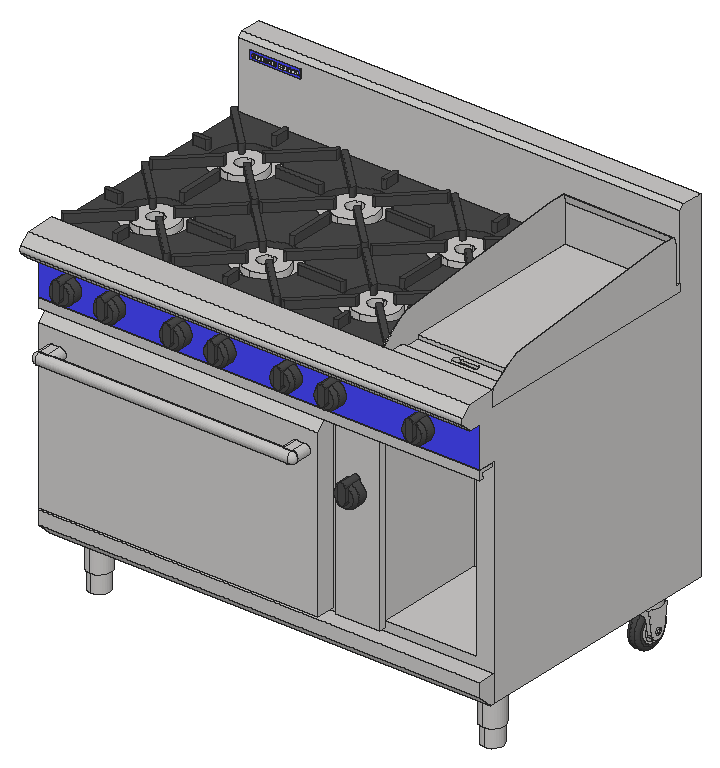
Revit family "QF_MOFFAT_BLUESEAL_CE_GE58C", category Specialty Equipment, Revit 2012
Parameters
  Width = 1200 mm
  Weight in Pounds = 485
  Watts = 6600 W
  Volts = 400 V
  URL Cutsheet = "www.moffat.com"
  URL = "www.moffat.com"
  Type Mark [instance] = ""
  Status [instance] = ""
  Specification by User [instance] = ""
  Specification by Manufacturer = ""
  Show Logo [instance] = yes
  Show Clearance [instance] = yes
  Show Casters [instance] = yes
  Serial Number = ""
  Seismic Rating = ""
  SMACNA No = ""
  Revision Code [instance] = ""
  Phase = 3
  Omniclass Number and Title = ""
  Number of Poles [instance] = 1
  NAFEM Spec ID Number = ""
  Model = "GE58C"
  Min Ckt Ampacity = 0 A
  Mechanical Remarks = ""
  Mechanical Connection Type [instance] = ""
  Max Overcurrent Protection = 0 A
  Masterspec = ""
  Manufacturer = "MOFFAT BLUESEAL"
  Legs [instance] = not(Show Casters)  # no
  Item Number [instance] = ""
  Installed By [instance] = ""
  Identify Quantity as Lot [instance] = yes
  Height = 970 mm
  HP = ""
  Gas Size = 3/4"
  Gas RI Height [instance] = 0 mm
  Gas KW [instance] = 52.2
  Gas Input [instance] = 178189.0 Btu/h
  Gas Connection Height = 0 mm
  Furnished By [instance] = ""
  Foodservice Equipment Identifier [instance] = yes
  FL Amps = 9.4 A
  Electrical Remarks = "9.4A PER PHASE"
  Electric Connection Type = ""
  Elec Conn RI Height = 0 mm
  Elec Conn Connection Height = 0 mm
  Description = "1200MM GAS RANGE WITH ELECTRIC CONVECTION OVEN"
  Depth = 812 mm
  Cycle = 50 Hz
  Conn Plug = ""
  Conn Conduit = yes
  CSI MasterFormat = ""
  CSI Master Format = ""
  Body Finish = QF_Finishes_Stainless Steel
  Apparent Power = 0 VA
Reference planes
  plane 1 "BACK": y = 0
  plane 2: z = 0
  plane 3 "LEFT": x = 0
  plane 4 "RIGHT": x = 1200
  plane 5 "FRONT": y = -812
  plane 6 "TOP": z = 970
  plane 7 "Center Y": x = 600
  plane 8 "Center X": y = -406
  plane 9: x = 280
  plane 10: y = -574.272
  plane 11: x = 60
  plane 12: y = -304.972
  plane 13: y = -364.972
  plane 14: x = 74
  plane 15: y = -812
  plane 16: x = 1134.5
  plane 17: y = -32
  plane 18: z = 655
  plane 19: x = 65.5
  plane 20: x = 65.8
  plane 21: z = 1085
  plane 22: y = -705
Forms (mm)
  Extrusion 1, solid, material "QF_Finishes_Stainless Steel" <- "Body Finish"
    sketch origin (0, 0, 0) x (0, 1, 0) y (0, 0, 1)
      loop
        line (0, 150) -> (0, 1085) -> (-57.5, 1085) -> (-70, 1072.5) -> (-70, 875) -> (-705, 875) -> (-705, 915) -> (-783.97, 915) -> (-808.49, 890.48)
        arc (-808.49, 890.48) -> (-812.002, 882) -> (-808.49, 873.52) r 11.993
        line (-808.49, 873.52) -> (-784.97, 850) -> (-749, 850) -> (-749, 740) -> (-699, 740) -> (-699, 150) -> (0, 150)
      loop
        line (-749, 222.5) -> (-749, 186) -> (-713, 150) -> (-703.2, 150) -> (-703.2, 222.5) -> (-749, 222.5)
      loop
        line (-749, 713.781) -> (-740.224, 713.781) -> (-742.613, 730.781) -> (-707.93, 730.781) -> (-707.93, 737.784) -> (-749, 737.784) -> (-749, 713.781)
    from 0 to 1200
  Extrusion 2, solid, material "QF_Finishes_Stainless Steel"
    sketch origin (0, 7, 0) x (0, 1, 0) y (0, 0, 1)
      loop
        line (-706, 700) -> (-732, 700) -> (-756, 676) -> (-756, 227.5) -> (-706, 227.5) -> (-706, 700)
    from 0 to 760
  Extrusion 3, solid, material "QF_Finishes_Stainless Steel"
    sketch origin (723.5, 7, 0) x (0, 1, 0) y (0, 0, 1)
      loop
        line (-706, 700) -> (-721, 700) -> (-721, 227.5) -> (-706, 227.5) -> (-706, 700)
    from 56.898 to 176.5
  Revolve 4, solid, material "QF_Finishes_Stainless Steel" <- "Body Finish"
    sketch origin (1134.5, -696.126, 0) x (0, 1, 0) y (0, 0, -1)
      loop
        line (39.376, -150) -> (71.126, -150) -> (71.126, 0) -> (43.626, 0) -> (43.626, -50) -> (39.376, -50) -> (39.376, -150)
      axis (71.126, -150) -> (71.126, 0)
    angle from 0 to 360
  Revolve 5, solid, material "QF_Finishes_Stainless Steel" <- "Body Finish"
    sketch origin (65.5, -696.126, 0) x (0, 1, 0) y (0, 0, 1)
      loop
        line (39.376, 150) -> (39.376, 50) -> (43.626, 50) -> (43.626, 0) -> (71.126, 0) -> (71.126, 150) -> (39.376, 150)
      axis (71.126, 150) -> (71.126, 0)
    angle from 0 to 360
  Extrusion 6, solid, material "QF_Finishes_Stainless Steel"
    sketch origin (-64.5, 0, 325) x (1, 0, 0) y (0, 1, 0)
      loop
        circle (1134.5, -32) r 10
    from 330 to 374.856
  Extrusion 7, void
    sketch origin (0, -699, 150) x (0, 0, -1) y (-1, 0, 0)
      loop
        line (-529.781, -900) -> (-529.781, -1150) -> (-96, -1150) -> (-96, -900) -> (-529.781, -900)
    from 0 to 304.8
  Extrusion 8, solid, material "QF_Finishes_Black"
    sketch origin (0, -70, 875) x (0, -1, 0) y (1, 0, 0)
      loop
        arc (1, 4) -> (1.879, 1.879) -> (4, 1) r 3
        line (4, 1) -> (632, 1)
        arc (632, 1) -> (634.121, 1.879) -> (635, 4) r 3
        line (635, 4) -> (635, 897)
        arc (635, 897) -> (634.121, 899.121) -> (632, 900) r 3
        line (632, 900) -> (4, 900)
        arc (4, 900) -> (1.879, 899.121) -> (1, 897) r 3
        line (1, 897) -> (1, 4)
      loop
        circle (167.5, 150) r 85
      loop
        circle (167.5, 450) r 85
      loop
        circle (467.768, 150) r 85
      loop
        circle (467.768, 450) r 85
      loop
        circle (167.5, 750) r 85
      loop
        circle (467.768, 750) r 85
    from 0 to 19.5
  Extrusion 9, solid, material "QF_Finishes_Black"
    sketch origin (0, -70, 894.5) x (0, -1, 0) y (1, 0, 0)
      loop
        spline (327.102, 15.153) -> (326.181, 13.924) -> (325.631, 12.47) -> (325.49, 10.89) -> (325.767, 9.292) -> (326.443, 7.786) -> (327.473, 6.473) -> (328.786, 5.443) -> (330.292, 4.767) -> (331.89, 4.49) -> (333.47, 4.631) -> (334.924, 5.181) -> (336.153, 6.102)
        line (336.153, 6.102) -> (444.076, 114.025)
        spline (444.076, 114.025) -> (444.837, 115.095) -> (445.238, 116.399) -> (445.251, 117.851) -> (444.875, 119.35) -> (444.137, 120.795) -> (443.086, 122.086) -> (441.795, 123.137) -> (440.35, 123.875) -> (438.851, 124.251) -> (437.399, 124.238) -> (436.095, 123.837) -> (435.025, 123.076)
        line (435.025, 123.076) -> (327.102, 15.153)
      loop
        line (611.398, 15.153) -> (503.475, 123.076)
        spline (503.475, 123.076) -> (502.405, 123.837) -> (501.101, 124.238) -> (499.649, 124.251) -> (498.15, 123.875) -> (496.705, 123.137) -> (495.414, 122.086) -> (494.363, 120.795) -> (493.625, 119.35) -> (493.249, 117.851) -> (493.262, 116.399) -> (493.663, 115.095) -> (494.424, 114.025)
        line (494.424, 114.025) -> (602.347, 6.102)
        spline (602.347, 6.102) -> (603.416, 5.341) -> (604.721, 4.941) -> (606.172, 4.928) -> (607.671, 5.303) -> (609.116, 6.041) -> (610.408, 7.092) -> (611.459, 8.384) -> (612.197, 9.829) -> (612.572, 11.328) -> (612.559, 12.779) -> (612.159, 14.084) -> (611.398, 15.153)
      loop
        spline (379.102, 143.6) -> (380.396, 143.818) -> (381.602, 144.457) -> (382.638, 145.475) -> (383.432, 146.8) -> (383.932, 148.344) -> (384.102, 150) -> (383.932, 151.656) -> (383.432, 153.2) -> (382.638, 154.525) -> (381.602, 155.543) -> (380.396, 156.182) -> (379.102, 156.4)
        line (379.102, 156.4) -> (259.398, 156.4)
        spline (259.398, 156.4) -> (258.104, 156.182) -> (256.898, 155.543) -> (255.862, 154.525) -> (255.068, 153.2) -> (254.568, 151.656) -> (254.398, 150) -> (254.568, 148.344) -> (255.068, 146.8) -> (255.862, 145.475) -> (256.898, 144.457) -> (258.104, 143.818) -> (259.398, 143.6)
        line (259.398, 143.6) -> (379.102, 143.6)
      loop
        spline (23.602, 15.153) -> (22.681, 13.924) -> (22.131, 12.47) -> (21.99, 10.89) -> (22.267, 9.292) -> (22.943, 7.786) -> (23.973, 6.473) -> (25.286, 5.443) -> (26.792, 4.767) -> (28.39, 4.49) -> (29.97, 4.631) -> (31.424, 5.181) -> (32.653, 6.102)
        line (32.653, 6.102) -> (140.576, 114.025)
        spline (140.576, 114.025) -> (141.337, 115.095) -> (141.738, 116.399) -> (141.751, 117.851) -> (141.375, 119.35) -> (140.637, 120.795) -> (139.586, 122.086) -> (138.295, 123.137) -> (136.85, 123.875) -> (135.351, 124.251) -> (133.899, 124.238) -> (132.595, 123.837) -> (131.525, 123.076)
        line (131.525, 123.076) -> (23.602, 15.153)
      loop
        line (311.398, 15.153) -> (203.475, 123.076)
        spline (203.475, 123.076) -> (202.405, 123.837) -> (201.101, 124.238) -> (199.649, 124.251) -> (198.15, 123.875) -> (196.705, 123.137) -> (195.414, 122.086) -> (194.363, 120.795) -> (193.625, 119.35) -> (193.249, 117.851) -> (193.262, 116.399) -> (193.663, 115.095) -> (194.424, 114.025)
        line (194.424, 114.025) -> (302.347, 6.102)
        spline (302.347, 6.102) -> (303.416, 5.341) -> (304.721, 4.941) -> (306.172, 4.928) -> (307.671, 5.303) -> (309.116, 6.041) -> (310.408, 7.092) -> (311.459, 8.384) -> (312.197, 9.829) -> (312.572, 11.328) -> (312.559, 12.779) -> (312.159, 14.084) -> (311.398, 15.153)
      loop
        line (327.102, 284.847) -> (435.025, 176.924)
        spline (435.025, 176.924) -> (436.095, 176.163) -> (437.399, 175.762) -> (438.851, 175.749) -> (440.35, 176.125) -> (441.795, 176.863) -> (443.086, 177.914) -> (444.137, 179.205) -> (444.875, 180.65) -> (445.251, 182.149) -> (445.238, 183.601) -> (444.837, 184.905) -> (444.076, 185.975)
        line (444.076, 185.975) -> (336.153, 293.898)
        spline (336.153, 293.898) -> (334.924, 294.819) -> (333.47, 295.369) -> (331.89, 295.51) -> (330.292, 295.233) -> (328.786, 294.557) -> (327.473, 293.527) -> (326.443, 292.214) -> (325.767, 290.708) -> (325.49, 289.11) -> (325.631, 287.53) -> (326.181, 286.076) -> (327.102, 284.847)
      loop
        spline (611.398, 284.847) -> (612.159, 285.916) -> (612.559, 287.221) -> (612.572, 288.672) -> (612.197, 290.171) -> (611.459, 291.616) -> (610.408, 292.908) -> (609.116, 293.959) -> (607.671, 294.697) -> (606.172, 295.072) -> (604.721, 295.059) -> (603.416, 294.659) -> (602.347, 293.898)
        line (602.347, 293.898) -> (494.424, 185.975)
        spline (494.424, 185.975) -> (493.663, 184.905) -> (493.262, 183.601) -> (493.249, 182.149) -> (493.625, 180.65) -> (494.363, 179.205) -> (495.414, 177.914) -> (496.705, 176.863) -> (498.15, 176.125) -> (499.649, 175.749) -> (501.101, 175.762) -> (502.405, 176.163) -> (503.475, 176.924)
        line (503.475, 176.924) -> (611.398, 284.847)
      loop
        spline (461.1, 241.898) -> (461.318, 240.604) -> (461.957, 239.398) -> (462.975, 238.362) -> (464.3, 237.568) -> (465.844, 237.068) -> (467.5, 236.898) -> (469.156, 237.068) -> (470.7, 237.568) -> (472.025, 238.362) -> (473.043, 239.398) -> (473.682, 240.604) -> (473.9, 241.898)
        line (473.9, 241.898) -> (473.9, 358.102)
        spline (473.9, 358.102) -> (473.682, 359.396) -> (473.043, 360.602) -> (472.025, 361.638) -> (470.7, 362.432) -> (469.156, 362.932) -> (467.5, 363.102) -> (465.844, 362.932) -> (464.3, 362.432) -> (462.975, 361.638) -> (461.957, 360.602) -> (461.318, 359.396) -> (461.1, 358.102)
        line (461.1, 358.102) -> (461.1, 241.898)
      loop
        line (23.602, 284.847) -> (131.525, 176.924)
        spline (131.525, 176.924) -> (132.595, 176.163) -> (133.899, 175.762) -> (135.351, 175.749) -> (136.85, 176.125) -> (138.295, 176.863) -> (139.586, 177.914) -> (140.637, 179.205) -> (141.375, 180.65) -> (141.751, 182.149) -> (141.738, 183.601) -> (141.337, 184.905) -> (140.576, 185.975)
        line (140.576, 185.975) -> (32.653, 293.898)
        spline (32.653, 293.898) -> (31.424, 294.819) -> (29.97, 295.369) -> (28.39, 295.51) -> (26.792, 295.233) -> (25.286, 294.557) -> (23.973, 293.527) -> (22.943, 292.214) -> (22.267, 290.708) -> (21.99, 289.11) -> (22.131, 287.53) -> (22.681, 286.076) -> (23.602, 284.847)
      loop
        spline (311.398, 284.847) -> (312.159, 285.916) -> (312.559, 287.221) -> (312.572, 288.672) -> (312.197, 290.171) -> (311.459, 291.616) -> (310.408, 292.908) -> (309.116, 293.959) -> (307.671, 294.697) -> (306.172, 295.072) -> (304.721, 295.059) -> (303.416, 294.659) -> (302.347, 293.898)
        line (302.347, 293.898) -> (194.424, 185.975)
        spline (194.424, 185.975) -> (193.663, 184.905) -> (193.262, 183.601) -> (193.249, 182.149) -> (193.625, 180.65) -> (194.363, 179.205) -> (195.414, 177.914) -> (196.705, 176.863) -> (198.15, 176.125) -> (199.649, 175.749) -> (201.101, 175.762) -> (202.405, 176.163) -> (203.475, 176.924)
        line (203.475, 176.924) -> (311.398, 284.847)
      loop
        spline (161.1, 241.898) -> (161.318, 240.604) -> (161.957, 239.398) -> (162.975, 238.362) -> (164.3, 237.568) -> (165.844, 237.068) -> (167.5, 236.898) -> (169.156, 237.068) -> (170.7, 237.568) -> (172.025, 238.362) -> (173.043, 239.398) -> (173.682, 240.604) -> (173.9, 241.898)
        line (173.9, 241.898) -> (173.9, 358.102)
        spline (173.9, 358.102) -> (173.682, 359.396) -> (173.043, 360.602) -> (172.025, 361.638) -> (170.7, 362.432) -> (169.156, 362.932) -> (167.5, 363.102) -> (165.844, 362.932) -> (164.3, 362.432) -> (162.975, 361.638) -> (161.957, 360.602) -> (161.318, 359.396) -> (161.1, 358.102)
        line (161.1, 358.102) -> (161.1, 241.898)
      loop
        line (379.102, 456.4) -> (259.398, 456.4)
        spline (259.398, 456.4) -> (258.104, 456.182) -> (256.898, 455.543) -> (255.862, 454.525) -> (255.068, 453.2) -> (254.568, 451.656) -> (254.398, 450) -> (254.568, 448.344) -> (255.068, 446.8) -> (255.862, 445.475) -> (256.898, 444.457) -> (258.104, 443.818) -> (259.398, 443.6)
        line (259.398, 443.6) -> (379.102, 443.6)
        spline (379.102, 443.6) -> (380.396, 443.818) -> (381.602, 444.457) -> (382.638, 445.475) -> (383.432, 446.8) -> (383.932, 448.344) -> (384.102, 450) -> (383.932, 451.656) -> (383.432, 453.2) -> (382.638, 454.525) -> (381.602, 455.543) -> (380.396, 456.182) -> (379.102, 456.4)
      loop
        spline (327.102, 315.153) -> (326.181, 313.924) -> (325.631, 312.47) -> (325.49, 310.89) -> (325.767, 309.292) -> (326.443, 307.786) -> (327.473, 306.473) -> (328.786, 305.443) -> (330.292, 304.767) -> (331.89, 304.49) -> (333.47, 304.631) -> (334.924, 305.181) -> (336.153, 306.102)
        line (336.153, 306.102) -> (444.076, 414.025)
        spline (444.076, 414.025) -> (444.837, 415.095) -> (445.238, 416.399) -> (445.251, 417.851) -> (444.875, 419.35) -> (444.137, 420.795) -> (443.086, 422.086) -> (441.795, 423.137) -> (440.35, 423.875) -> (438.851, 424.251) -> (437.399, 424.238) -> (436.095, 423.837) -> (435.025, 423.076)
        line (435.025, 423.076) -> (327.102, 315.153)
      loop
        line (611.398, 315.153) -> (503.475, 423.076)
        spline (503.475, 423.076) -> (502.405, 423.837) -> (501.101, 424.238) -> (499.649, 424.251) -> (498.15, 423.875) -> (496.705, 423.137) -> (495.414, 422.086) -> (494.363, 420.795) -> (493.625, 419.35) -> (493.249, 417.851) -> (493.262, 416.399) -> (493.663, 415.095) -> (494.424, 414.025)
        line (494.424, 414.025) -> (602.347, 306.102)
        spline (602.347, 306.102) -> (603.416, 305.341) -> (604.721, 304.941) -> (606.172, 304.928) -> (607.671, 305.303) -> (609.116, 306.041) -> (610.408, 307.092) -> (611.459, 308.384) -> (612.197, 309.829) -> (612.572, 311.328) -> (612.559, 312.779) -> (612.159, 314.084) -> (611.398, 315.153)
      loop
        spline (23.602, 315.153) -> (22.681, 313.924) -> (22.131, 312.47) -> (21.99, 310.89) -> (22.267, 309.292) -> (22.943, 307.786) -> (23.973, 306.473) -> (25.286, 305.443) -> (26.792, 304.767) -> (28.39, 304.49) -> (29.97, 304.631) -> (31.424, 305.181) -> (32.653, 306.102)
        line (32.653, 306.102) -> (140.576, 414.025)
        spline (140.576, 414.025) -> (141.337, 415.095) -> (141.738, 416.399) -> (141.751, 417.851) -> (141.375, 419.35) -> (140.637, 420.795) -> (139.586, 422.086) -> (138.295, 423.137) -> (136.85, 423.875) -> (135.351, 424.251) -> (133.899, 424.238) -> (132.595, 423.837) -> (131.525, 423.076)
        line (131.525, 423.076) -> (23.602, 315.153)
      loop
        line (311.398, 315.153) -> (203.475, 423.076)
        spline (203.475, 423.076) -> (202.405, 423.837) -> (201.101, 424.238) -> (199.649, 424.251) -> (198.15, 423.875) -> (196.705, 423.137) -> (195.414, 422.086) -> (194.363, 420.795) -> (193.625, 419.35) -> (193.249, 417.851) -> (193.262, 416.399) -> (193.663, 415.095) -> (194.424, 414.025)
        line (194.424, 414.025) -> (302.347, 306.102)
        spline (302.347, 306.102) -> (303.416, 305.341) -> (304.721, 304.941) -> (306.172, 304.928) -> (307.671, 305.303) -> (309.116, 306.041) -> (310.408, 307.092) -> (311.459, 308.384) -> (312.197, 309.829) -> (312.572, 311.328) -> (312.559, 312.779) -> (312.159, 314.084) -> (311.398, 315.153)
      loop
        line (327.102, 584.847) -> (435.025, 476.924)
        spline (435.025, 476.924) -> (436.095, 476.163) -> (437.399, 475.762) -> (438.851, 475.749) -> (440.35, 476.125) -> (441.795, 476.863) -> (443.086, 477.914) -> (444.137, 479.205) -> (444.875, 480.65) -> (445.251, 482.149) -> (445.238, 483.601) -> (444.837, 484.905) -> (444.076, 485.975)
        line (444.076, 485.975) -> (336.153, 593.898)
        spline (336.153, 593.898) -> (334.924, 594.819) -> (333.47, 595.369) -> (331.89, 595.51) -> (330.292, 595.233) -> (328.786, 594.557) -> (327.473, 593.527) -> (326.443, 592.214) -> (325.767, 590.708) -> (325.49, 589.11) -> (325.631, 587.53) -> (326.181, 586.076) -> (327.102, 584.847)
      loop
        spline (611.398, 584.847) -> (612.159, 585.916) -> (612.559, 587.221) -> (612.572, 588.672) -> (612.197, 590.171) -> (611.459, 591.616) -> (610.408, 592.908) -> (609.116, 593.959) -> (607.671, 594.697) -> (606.172, 595.072) -> (604.721, 595.059) -> (603.416, 594.659) -> (602.347, 593.898)
        line (602.347, 593.898) -> (494.424, 485.975)
        spline (494.424, 485.975) -> (493.663, 484.905) -> (493.262, 483.601) -> (493.249, 482.149) -> (493.625, 480.65) -> (494.363, 479.205) -> (495.414, 477.914) -> (496.705, 476.863) -> (498.15, 476.125) -> (499.649, 475.749) -> (501.101, 475.762) -> (502.405, 476.163) -> (503.475, 476.924)
        line (503.475, 476.924) -> (611.398, 584.847)
      loop
        line (23.602, 584.847) -> (131.525, 476.924)
        spline (131.525, 476.924) -> (132.595, 476.163) -> (133.899, 475.762) -> (135.351, 475.749) -> (136.85, 476.125) -> (138.295, 476.863) -> (139.586, 477.914) -> (140.637, 479.205) -> (141.375, 480.65) -> (141.751, 482.149) -> (141.738, 483.601) -> (141.337, 484.905) -> (140.576, 485.975)
        line (140.576, 485.975) -> (32.653, 593.898)
        spline (32.653, 593.898) -> (31.424, 594.819) -> (29.97, 595.369) -> (28.39, 595.51) -> (26.792, 595.233) -> (25.286, 594.557) -> (23.973, 593.527) -> (22.943, 592.214) -> (22.267, 590.708) -> (21.99, 589.11) -> (22.131, 587.53) -> (22.681, 586.076) -> (23.602, 584.847)
      loop
        spline (311.398, 584.847) -> (312.159, 585.916) -> (312.559, 587.221) -> (312.572, 588.672) -> (312.197, 590.171) -> (311.459, 591.616) -> (310.408, 592.908) -> (309.116, 593.959) -> (307.671, 594.697) -> (306.172, 595.072) -> (304.721, 595.059) -> (303.416, 594.659) -> (302.347, 593.898)
        line (302.347, 593.898) -> (194.424, 485.975)
        spline (194.424, 485.975) -> (193.663, 484.905) -> (193.262, 483.601) -> (193.249, 482.149) -> (193.625, 480.65) -> (194.363, 479.205) -> (195.414, 477.914) -> (196.705, 476.863) -> (198.15, 476.125) -> (199.649, 475.749) -> (201.101, 475.762) -> (202.405, 476.163) -> (203.475, 476.924)
        line (203.475, 476.924) -> (311.398, 584.847)
      loop
        spline (461.1, 541.898) -> (461.318, 540.604) -> (461.957, 539.398) -> (462.975, 538.362) -> (464.3, 537.568) -> (465.844, 537.068) -> (467.5, 536.898) -> (469.156, 537.068) -> (470.7, 537.568) -> (472.025, 538.362) -> (473.043, 539.398) -> (473.682, 540.604) -> (473.9, 541.898)
        line (473.9, 541.898) -> (473.9, 658.102)
        spline (473.9, 658.102) -> (473.682, 659.396) -> (473.043, 660.602) -> (472.025, 661.638) -> (470.7, 662.432) -> (469.156, 662.932) -> (467.5, 663.102) -> (465.844, 662.932) -> (464.3, 662.432) -> (462.975, 661.638) -> (461.957, 660.602) -> (461.318, 659.396) -> (461.1, 658.102)
        line (461.1, 658.102) -> (461.1, 541.898)
      loop
        spline (161.1, 541.898) -> (161.318, 540.604) -> (161.957, 539.398) -> (162.975, 538.362) -> (164.3, 537.568) -> (165.844, 537.068) -> (167.5, 536.898) -> (169.156, 537.068) -> (170.7, 537.568) -> (172.025, 538.362) -> (173.043, 539.398) -> (173.682, 540.604) -> (173.9, 541.898)
        line (173.9, 541.898) -> (173.9, 658.102)
        spline (173.9, 658.102) -> (173.682, 659.396) -> (173.043, 660.602) -> (172.025, 661.638) -> (170.7, 662.432) -> (169.156, 662.932) -> (167.5, 663.102) -> (165.844, 662.932) -> (164.3, 662.432) -> (162.975, 661.638) -> (161.957, 660.602) -> (161.318, 659.396) -> (161.1, 658.102)
        line (161.1, 658.102) -> (161.1, 541.898)
      loop
        line (379.102, 756.4) -> (259.398, 756.4)
        spline (259.398, 756.4) -> (258.104, 756.182) -> (256.898, 755.543) -> (255.862, 754.525) -> (255.068, 753.2) -> (254.568, 751.656) -> (254.398, 750) -> (254.568, 748.344) -> (255.068, 746.8) -> (255.862, 745.475) -> (256.898, 744.457) -> (258.104, 743.818) -> (259.398, 743.6)
        line (259.398, 743.6) -> (379.102, 743.6)
        spline (379.102, 743.6) -> (380.396, 743.818) -> (381.602, 744.457) -> (382.638, 745.475) -> (383.432, 746.8) -> (383.932, 748.344) -> (384.102, 750) -> (383.932, 751.656) -> (383.432, 753.2) -> (382.638, 754.525) -> (381.602, 755.543) -> (380.396, 756.182) -> (379.102, 756.4)
      loop
        spline (327.102, 615.153) -> (326.181, 613.924) -> (325.631, 612.47) -> (325.49, 610.89) -> (325.767, 609.292) -> (326.443, 607.786) -> (327.473, 606.473) -> (328.786, 605.443) -> (330.292, 604.767) -> (331.89, 604.49) -> (333.47, 604.631) -> (334.924, 605.181) -> (336.153, 606.102)
        line (336.153, 606.102) -> (444.076, 714.025)
        spline (444.076, 714.025) -> (444.837, 715.095) -> (445.238, 716.399) -> (445.251, 717.851) -> (444.875, 719.35) -> (444.137, 720.795) -> (443.086, 722.086) -> (441.795, 723.137) -> (440.35, 723.875) -> (438.851, 724.251) -> (437.399, 724.238) -> (436.095, 723.837) -> (435.025, 723.076)
        line (435.025, 723.076) -> (327.102, 615.153)
      loop
        line (611.398, 615.153) -> (503.475, 723.076)
        spline (503.475, 723.076) -> (502.405, 723.837) -> (501.101, 724.238) -> (499.649, 724.251) -> (498.15, 723.875) -> (496.705, 723.137) -> (495.414, 722.086) -> (494.363, 720.795) -> (493.625, 719.35) -> (493.249, 717.851) -> (493.262, 716.399) -> (493.663, 715.095) -> (494.424, 714.025)
        line (494.424, 714.025) -> (602.347, 606.102)
        spline (602.347, 606.102) -> (603.416, 605.341) -> (604.721, 604.941) -> (606.172, 604.928) -> (607.671, 605.303) -> (609.116, 606.041) -> (610.408, 607.092) -> (611.459, 608.384) -> (612.197, 609.829) -> (612.572, 611.328) -> (612.559, 612.779) -> (612.159, 614.084) -> (611.398, 615.153)
      loop
        spline (23.602, 615.153) -> (22.681, 613.924) -> (22.131, 612.47) -> (21.99, 610.89) -> (22.267, 609.292) -> (22.943, 607.786) -> (23.973, 606.473) -> (25.286, 605.443) -> (26.792, 604.767) -> (28.39, 604.49) -> (29.97, 604.631) -> (31.424, 605.181) -> (32.653, 606.102)
        line (32.653, 606.102) -> (140.576, 714.025)
        spline (140.576, 714.025) -> (141.337, 715.095) -> (141.738, 716.399) -> (141.751, 717.851) -> (141.375, 719.35) -> (140.637, 720.795) -> (139.586, 722.086) -> (138.295, 723.137) -> (136.85, 723.875) -> (135.351, 724.251) -> (133.899, 724.238) -> (132.595, 723.837) -> (131.525, 723.076)
        line (131.525, 723.076) -> (23.602, 615.153)
      loop
        line (311.398, 615.153) -> (203.475, 723.076)
        spline (203.475, 723.076) -> (202.405, 723.837) -> (201.101, 724.238) -> (199.649, 724.251) -> (198.15, 723.875) -> (196.705, 723.137) -> (195.414, 722.086) -> (194.363, 720.795) -> (193.625, 719.35) -> (193.249, 717.851) -> (193.262, 716.399) -> (193.663, 715.095) -> (194.424, 714.025)
        line (194.424, 714.025) -> (302.347, 606.102)
        spline (302.347, 606.102) -> (303.416, 605.341) -> (304.721, 604.941) -> (306.172, 604.928) -> (307.671, 605.303) -> (309.116, 606.041) -> (310.408, 607.092) -> (311.459, 608.384) -> (312.197, 609.829) -> (312.572, 611.328) -> (312.559, 612.779) -> (312.159, 614.084) -> (311.398, 615.153)
      loop
        line (327.102, 884.847) -> (435.025, 776.924)
        spline (435.025, 776.924) -> (436.095, 776.163) -> (437.399, 775.762) -> (438.851, 775.749) -> (440.35, 776.125) -> (441.795, 776.863) -> (443.086, 777.914) -> (444.137, 779.205) -> (444.875, 780.65) -> (445.251, 782.149) -> (445.238, 783.601) -> (444.837, 784.905) -> (444.076, 785.975)
        line (444.076, 785.975) -> (336.153, 893.898)
        spline (336.153, 893.898) -> (334.924, 894.819) -> (333.47, 895.369) -> (331.89, 895.51) -> (330.292, 895.233) -> (328.786, 894.557) -> (327.473, 893.527) -> (326.443, 892.214) -> (325.767, 890.708) -> (325.49, 889.11) -> (325.631, 887.53) -> (326.181, 886.076) -> (327.102, 884.847)
      loop
        spline (611.398, 884.847) -> (612.159, 885.916) -> (612.559, 887.221) -> (612.572, 888.672) -> (612.197, 890.171) -> (611.459, 891.616) -> (610.408, 892.908) -> (609.116, 893.959) -> (607.671, 894.697) -> (606.172, 895.072) -> (604.721, 895.059) -> (603.416, 894.659) -> (602.347, 893.898)
        line (602.347, 893.898) -> (494.424, 785.975)
        spline (494.424, 785.975) -> (493.663, 784.905) -> (493.262, 783.601) -> (493.249, 782.149) -> (493.625, 780.65) -> (494.363, 779.205) -> (495.414, 777.914) -> (496.705, 776.863) -> (498.15, 776.125) -> (499.649, 775.749) -> (501.101, 775.762) -> (502.405, 776.163) -> (503.475, 776.924)
        line (503.475, 776.924) -> (611.398, 884.847)
      loop
        line (23.602, 884.847) -> (131.525, 776.924)
        spline (131.525, 776.924) -> (132.595, 776.163) -> (133.899, 775.762) -> (135.351, 775.749) -> (136.85, 776.125) -> (138.295, 776.863) -> (139.586, 777.914) -> (140.637, 779.205) -> (141.375, 780.65) -> (141.751, 782.149) -> (141.738, 783.601) -> (141.337, 784.905) -> (140.576, 785.975)
        line (140.576, 785.975) -> (32.653, 893.898)
        spline (32.653, 893.898) -> (31.424, 894.819) -> (29.97, 895.369) -> (28.39, 895.51) -> (26.792, 895.233) -> (25.286, 894.557) -> (23.973, 893.527) -> (22.943, 892.214) -> (22.267, 890.708) -> (21.99, 889.11) -> (22.131, 887.53) -> (22.681, 886.076) -> (23.602, 884.847)
      loop
        spline (311.398, 884.847) -> (312.159, 885.916) -> (312.559, 887.221) -> (312.572, 888.672) -> (312.197, 890.171) -> (311.459, 891.616) -> (310.408, 892.908) -> (309.116, 893.959) -> (307.671, 894.697) -> (306.172, 895.072) -> (304.721, 895.059) -> (303.416, 894.659) -> (302.347, 893.898)
        line (302.347, 893.898) -> (194.424, 785.975)
        spline (194.424, 785.975) -> (193.663, 784.905) -> (193.262, 783.601) -> (193.249, 782.149) -> (193.625, 780.65) -> (194.363, 779.205) -> (195.414, 777.914) -> (196.705, 776.863) -> (198.15, 776.125) -> (199.649, 775.749) -> (201.101, 775.762) -> (202.405, 776.163) -> (203.475, 776.924)
        line (203.475, 776.924) -> (311.398, 884.847)
      loop
        spline (473.9, 891.872) -> (473.682, 893.166) -> (473.043, 894.372) -> (472.025, 895.407) -> (470.7, 896.202) -> (469.156, 896.701) -> (467.5, 896.872) -> (465.844, 896.701) -> (464.3, 896.202) -> (462.975, 895.407) -> (461.957, 894.372) -> (461.318, 893.166) -> (461.1, 891.872)
        line (461.1, 891.872) -> (461.1, 841.898)
        spline (461.1, 841.898) -> (461.318, 840.604) -> (461.957, 839.398) -> (462.975, 838.362) -> (464.3, 837.568) -> (465.844, 837.068) -> (467.5, 836.898) -> (469.156, 837.068) -> (470.7, 837.568) -> (472.025, 838.362) -> (473.043, 839.398) -> (473.682, 840.604) -> (473.9, 841.898)
        line (473.9, 841.898) -> (473.9, 891.872)
      loop
        spline (173.9, 891.872) -> (173.682, 893.166) -> (173.043, 894.372) -> (172.025, 895.407) -> (170.7, 896.202) -> (169.156, 896.701) -> (167.5, 896.872) -> (165.844, 896.701) -> (164.3, 896.202) -> (162.975, 895.407) -> (161.957, 894.372) -> (161.318, 893.166) -> (161.1, 891.872)
        line (161.1, 891.872) -> (161.1, 841.898)
        spline (161.1, 841.898) -> (161.318, 840.604) -> (161.957, 839.398) -> (162.975, 838.362) -> (164.3, 837.568) -> (165.844, 837.068) -> (167.5, 836.898) -> (169.156, 837.068) -> (170.7, 837.568) -> (172.025, 838.362) -> (173.043, 839.398) -> (173.682, 840.604) -> (173.9, 841.898)
        line (173.9, 841.898) -> (173.9, 891.872)
      loop
        spline (65.602, 143.6) -> (66.896, 143.818) -> (68.102, 144.457) -> (69.138, 145.475) -> (69.932, 146.8) -> (70.432, 148.344) -> (70.602, 150) -> (70.432, 151.656) -> (69.932, 153.2) -> (69.138, 154.525) -> (68.102, 155.543) -> (66.896, 156.182) -> (65.602, 156.4)
        line (65.602, 156.4) -> (29.398, 156.4)
        spline (29.398, 156.4) -> (28.104, 156.182) -> (26.898, 155.543) -> (25.862, 154.525) -> (25.068, 153.2) -> (24.568, 151.656) -> (24.398, 150) -> (24.568, 148.344) -> (25.068, 146.8) -> (25.862, 145.475) -> (26.898, 144.457) -> (28.104, 143.818) -> (29.398, 143.6)
        line (29.398, 143.6) -> (65.602, 143.6)
      loop
        spline (65.602, 443.6) -> (66.896, 443.818) -> (68.102, 444.457) -> (69.138, 445.475) -> (69.932, 446.8) -> (70.432, 448.344) -> (70.602, 450) -> (70.432, 451.656) -> (69.932, 453.2) -> (69.138, 454.525) -> (68.102, 455.543) -> (66.896, 456.182) -> (65.602, 456.4)
        line (65.602, 456.4) -> (29.398, 456.4)
        spline (29.398, 456.4) -> (28.104, 456.182) -> (26.898, 455.543) -> (25.862, 454.525) -> (25.068, 453.2) -> (24.568, 451.656) -> (24.398, 450) -> (24.568, 448.344) -> (25.068, 446.8) -> (25.862, 445.475) -> (26.898, 444.457) -> (28.104, 443.818) -> (29.398, 443.6)
        line (29.398, 443.6) -> (65.602, 443.6)
      loop
        spline (65.602, 743.6) -> (66.896, 743.818) -> (68.102, 744.457) -> (69.138, 745.475) -> (69.932, 746.8) -> (70.432, 748.344) -> (70.602, 750) -> (70.432, 751.656) -> (69.932, 753.2) -> (69.138, 754.525) -> (68.102, 755.543) -> (66.896, 756.182) -> (65.602, 756.4)
        line (65.602, 756.4) -> (29.398, 756.4)
        spline (29.398, 756.4) -> (28.104, 756.182) -> (26.898, 755.543) -> (25.862, 754.525) -> (25.068, 753.2) -> (24.568, 751.656) -> (24.398, 750) -> (24.568, 748.344) -> (25.068, 746.8) -> (25.862, 745.475) -> (26.898, 744.457) -> (28.104, 743.818) -> (29.398, 743.6)
        line (29.398, 743.6) -> (65.602, 743.6)
      loop
        spline (605.602, 143.6) -> (606.896, 143.818) -> (608.102, 144.457) -> (609.138, 145.475) -> (609.932, 146.8) -> (610.432, 148.344) -> (610.602, 150) -> (610.432, 151.656) -> (609.932, 153.2) -> (609.138, 154.525) -> (608.102, 155.543) -> (606.896, 156.182) -> (605.602, 156.4)
        line (605.602, 156.4) -> (569.398, 156.4)
        spline (569.398, 156.4) -> (568.104, 156.182) -> (566.898, 155.543) -> (565.862, 154.525) -> (565.068, 153.2) -> (564.568, 151.656) -> (564.398, 150) -> (564.568, 148.344) -> (565.068, 146.8) -> (565.862, 145.475) -> (566.898, 144.457) -> (568.104, 143.818) -> (569.398, 143.6)
        line (569.398, 143.6) -> (605.602, 143.6)
      loop
        spline (605.602, 443.6) -> (606.896, 443.818) -> (608.102, 444.457) -> (609.138, 445.475) -> (609.932, 446.8) -> (610.432, 448.344) -> (610.602, 450) -> (610.432, 451.656) -> (609.932, 453.2) -> (609.138, 454.525) -> (608.102, 455.543) -> (606.896, 456.182) -> (605.602, 456.4)
        line (605.602, 456.4) -> (569.398, 456.4)
        spline (569.398, 456.4) -> (568.104, 456.182) -> (566.898, 455.543) -> (565.862, 454.525) -> (565.068, 453.2) -> (564.568, 451.656) -> (564.398, 450) -> (564.568, 448.344) -> (565.068, 446.8) -> (565.862, 445.475) -> (566.898, 444.457) -> (568.104, 443.818) -> (569.398, 443.6)
        line (569.398, 443.6) -> (605.602, 443.6)
      loop
        spline (605.602, 743.6) -> (606.896, 743.818) -> (608.102, 744.457) -> (609.138, 745.475) -> (609.932, 746.8) -> (610.432, 748.344) -> (610.602, 750) -> (610.432, 751.656) -> (609.932, 753.2) -> (609.138, 754.525) -> (608.102, 755.543) -> (606.896, 756.182) -> (605.602, 756.4)
        line (605.602, 756.4) -> (569.398, 756.4)
        spline (569.398, 756.4) -> (568.104, 756.182) -> (566.898, 755.543) -> (565.862, 754.525) -> (565.068, 753.2) -> (564.568, 751.656) -> (564.398, 750) -> (564.568, 748.344) -> (565.068, 746.8) -> (565.862, 745.475) -> (566.898, 744.457) -> (568.104, 743.818) -> (569.398, 743.6)
        line (569.398, 743.6) -> (605.602, 743.6)
      loop
        line (460.626, 50.584) -> (460.626, 16.591)
        spline (460.626, 16.591) -> (460.844, 15.297) -> (461.483, 14.091) -> (462.501, 13.055) -> (463.826, 12.261) -> (465.37, 11.761) -> (467.026, 11.591) -> (468.682, 11.761) -> (470.226, 12.261) -> (471.551, 13.055) -> (472.569, 14.091) -> (473.208, 15.297) -> (473.426, 16.591)
        line (473.426, 16.591) -> (473.426, 50.584)
        spline (473.426, 50.584) -> (473.208, 51.878) -> (472.569, 53.084) -> (471.551, 54.119) -> (470.226, 54.914) -> (468.682, 55.413) -> (467.026, 55.584) -> (465.37, 55.413) -> (463.826, 54.914) -> (462.501, 54.119) -> (461.483, 53.084) -> (460.844, 51.878) -> (460.626, 50.584)
      loop
        line (160.11, 50.584) -> (160.11, 16.591)
        spline (160.11, 16.591) -> (160.328, 15.297) -> (160.967, 14.091) -> (161.984, 13.055) -> (163.31, 12.261) -> (164.853, 11.761) -> (166.51, 11.591) -> (168.166, 11.761) -> (169.71, 12.261) -> (171.035, 13.055) -> (172.052, 14.091) -> (172.692, 15.297) -> (172.91, 16.591)
        line (172.91, 16.591) -> (172.91, 50.584)
        spline (172.91, 50.584) -> (172.692, 51.878) -> (172.052, 53.084) -> (171.035, 54.119) -> (169.71, 54.914) -> (168.166, 55.413) -> (166.51, 55.584) -> (164.853, 55.413) -> (163.31, 54.914) -> (161.984, 54.119) -> (160.967, 53.084) -> (160.328, 51.878) -> (160.11, 50.584)
    from 0 to 23.5
  Revolve 10, solid, material "QF_Finishes_Black"
    sketch origin (810.601, 45.874, -0.118) x (0, 1, 0) y (0, 0, 1)
      loop
        line (-827.874, 829.5) -> (-838.874, 823.651) -> (-838.874, 797) -> (-794.874, 797) -> (-794.874, 802) -> (-804.874, 802) -> (-804.874, 829.5) -> (-827.874, 829.5)
      axis (-838.874, 797) -> (-794.874, 797)
    angle from 0 to 360
  Revolve 11, solid, material "QF_Finishes_Black"
    sketch origin (690.601, 45.874, -0.118) x (0, 1, 0) y (0, 0, 1)
      loop
        line (-827.874, 829.5) -> (-838.874, 823.651) -> (-838.874, 797) -> (-794.874, 797) -> (-794.874, 802) -> (-804.874, 802) -> (-804.874, 829.5) -> (-827.874, 829.5)
      axis (-838.874, 797) -> (-794.874, 797)
    angle from 0 to 360
  Revolve 12, solid, material "QF_Finishes_Black"
    sketch origin (90.649, 45.874, -0.118) x (0, 1, 0) y (0, 0, -1)
      loop
        line (-827.874, -829.5) -> (-804.874, -829.5) -> (-804.874, -802) -> (-794.874, -802) -> (-794.874, -797) -> (-838.874, -797) -> (-838.874, -823.651) -> (-827.874, -829.5)
      axis (-838.874, -797) -> (-794.874, -797)
    angle from 0 to 360
  Revolve 13, solid, material "QF_Finishes_Black"
    sketch origin (210.649, 45.874, -0.118) x (0, 1, 0) y (0, 0, -1)
      loop
        line (-827.874, -829.5) -> (-804.874, -829.5) -> (-804.874, -802) -> (-794.874, -802) -> (-794.874, -797) -> (-838.874, -797) -> (-838.874, -823.651) -> (-827.874, -829.5)
      axis (-838.874, -797) -> (-794.874, -797)
    angle from 0 to 360
  Revolve 14, solid, material "QF_Finishes_Black"
    sketch origin (390.625, 45.874, -0.118) x (0, 1, 0) y (0, 0, -1)
      loop
        line (-827.874, -829.5) -> (-804.874, -829.5) -> (-804.874, -802) -> (-794.874, -802) -> (-794.874, -797) -> (-838.874, -797) -> (-838.874, -823.651) -> (-827.874, -829.5)
      axis (-838.874, -797) -> (-794.874, -797)
    angle from 0 to 360
  Revolve 15, solid, material "QF_Finishes_Black"
    sketch origin (510.625, 45.874, -0.118) x (0, 1, 0) y (0, 0, -1)
      loop
        line (-827.874, -829.5) -> (-804.874, -829.5) -> (-804.874, -802) -> (-794.874, -802) -> (-794.874, -797) -> (-838.874, -797) -> (-838.874, -823.651) -> (-827.874, -829.5)
      axis (-838.874, -797) -> (-794.874, -797)
    angle from 0 to 360
  Revolve 16, solid, material "QF_Finishes_Black"
    sketch origin (1050, 45.874, -0.118) x (0, 1, 0) y (0, 0, 1)
      loop
        line (-827.874, 829.5) -> (-838.874, 823.651) -> (-838.874, 797) -> (-794.874, 797) -> (-794.874, 802) -> (-804.874, 802) -> (-804.874, 829.5) -> (-827.874, 829.5)
      axis (-838.874, 797) -> (-794.874, 797)
    angle from 0 to 360
  Extrusion 17, solid, material "QF_Finishes_Black"
    sketch origin (238.456, 7, -0.118) x (-1, 0, 0) y (0, 0, -1)
      loop
        arc (158.3, -789) -> (148.3, -779) -> (138.3, -789) r 10
        line (138.3, -789) -> (138.3, -824)
        arc (138.3, -824) -> (148.3, -834) -> (158.3, -824) r 10
        line (158.3, -824) -> (158.3, -789)
    from 759 to 808
  Extrusion 18, solid, material "QF_Finishes_Black"
    sketch origin (358.456, 7, -0.118) x (-1, 0, 0) y (0, 0, -1)
      loop
        arc (158.3, -789) -> (148.3, -779) -> (138.3, -789) r 10
        line (138.3, -789) -> (138.3, -824)
        arc (138.3, -824) -> (148.3, -834) -> (158.3, -824) r 10
        line (158.3, -824) -> (158.3, -789)
    from 759 to 808
  Extrusion 19, solid, material "QF_Finishes_Black"
    sketch origin (538.432, 7, -0.118) x (-1, 0, 0) y (0, 0, -1)
      loop
        arc (158.3, -789) -> (148.3, -779) -> (138.3, -789) r 10
        line (138.3, -789) -> (138.3, -824)
        arc (138.3, -824) -> (148.3, -834) -> (158.3, -824) r 10
        line (158.3, -824) -> (158.3, -789)
    from 759 to 808
  Extrusion 20, solid, material "QF_Finishes_Black"
    sketch origin (658.432, 7, -0.118) x (-1, 0, 0) y (0, 0, -1)
      loop
        arc (158.3, -789) -> (148.3, -779) -> (138.3, -789) r 10
        line (138.3, -789) -> (138.3, -824)
        arc (138.3, -824) -> (148.3, -834) -> (158.3, -824) r 10
        line (158.3, -824) -> (158.3, -789)
    from 759 to 808
  Extrusion 21, solid, material "QF_Finishes_Black"
    sketch origin (838.408, 7, -0.118) x (-1, 0, 0) y (0, 0, -1)
      loop
        arc (158.3, -789) -> (148.3, -779) -> (138.3, -789) r 10
        line (138.3, -789) -> (138.3, -824)
        arc (138.3, -824) -> (148.3, -834) -> (158.3, -824) r 10
        line (158.3, -824) -> (158.3, -789)
    from 759 to 808
  Extrusion 22, solid, material "QF_Finishes_Black"
    sketch origin (958.408, 7, -0.118) x (-1, 0, 0) y (0, 0, -1)
      loop
        arc (158.3, -789) -> (148.3, -779) -> (138.3, -789) r 10
        line (138.3, -789) -> (138.3, -824)
        arc (138.3, -824) -> (148.3, -834) -> (158.3, -824) r 10
        line (158.3, -824) -> (158.3, -789)
    from 759 to 808
  Extrusion 23, solid, material "QF_Finishes_Black"
    sketch origin (1197.807, 7, -0.118) x (-1, 0, 0) y (0, 0, -1)
      loop
        arc (158.3, -789) -> (148.3, -779) -> (138.3, -789) r 10
        line (138.3, -789) -> (138.3, -824)
        arc (138.3, -824) -> (148.3, -834) -> (158.3, -824) r 10
        line (158.3, -824) -> (158.3, -789)
    from 759 to 808
  Revolve 24, solid, material "QF_Finishes_Black"
    sketch origin (836.851, 80.874, -246.368) x (0, 1, 0) y (0, 0, 1)
      loop
        line (-827.874, 829.5) -> (-838.874, 823.651) -> (-838.874, 797) -> (-794.874, 797) -> (-794.874, 802) -> (-804.874, 802) -> (-804.874, 829.5) -> (-827.874, 829.5)
      axis (-838.874, 797) -> (-794.874, 797)
    angle from 0 to 360
  Extrusion 25, solid, material "QF_Finishes_Black"
    sketch origin (389.044, 42, -246.368) x (1, 0, 0) y (0, 0, 1)
      loop
        line (458.3, 789) -> (458.3, 824)
        arc (458.3, 824) -> (448.3, 834) -> (438.3, 824) r 10
        line (438.3, 824) -> (438.3, 789)
        arc (438.3, 789) -> (448.3, 779) -> (458.3, 789) r 10
    from 759 to 808
  Extrusion 26, solid, material "QF_Door-Drawer Clearances", visible <- "Show Clearance", detail levels coarse
    sketch origin (760, 7, 0) x (0, 1, 0) y (0, 0, 1)
      loop
        arc (-756, 697.347) -> (-1088.232, 559.732) -> (-1225.847, 227.5) r 469.847
        line (-1225.847, 227.5) -> (-756, 227.5) -> (-756, 697.347)
    from 0 to -760
  Extrusion 27, void
    sketch origin (0, 0, 150) x (-1, 0, 0) y (0, -1, 0)
      loop
        line (-1133.988, 87.26) -> (-1133.988, -30.24) -> (-1004.488, -30.24) -> (-1004.488, 38.76) -> (-1052.988, 87.26) -> (-1133.988, 87.26)
    from 72.5 to 549.856
  Extrusion 28, solid, material "QF_Finishes_Stainless Steel"
    sketch origin (0, -749, 227.5) x (0, 0, 1) y (-1, 0, 0)
      loop
        line (380.625, -38.246) -> (380.625, -58.528)
        arc (380.625, -58.528) -> (395.625, -73.528) -> (410.625, -58.528) r 15
        line (410.625, -58.528) -> (410.625, -38.246)
        arc (410.625, -38.246) -> (395.625, -23.246) -> (380.625, -38.246) r 15
      loop
        arc (380.625, -723.039) -> (395.625, -738.039) -> (410.625, -723.039) r 15
        line (410.625, -723.039) -> (410.625, -702.757)
        arc (410.625, -702.757) -> (395.625, -687.757) -> (380.625, -702.757) r 15
        line (380.625, -702.757) -> (380.625, -723.039)
    from 0 to 44
  Revolve 29, solid, material "QF_Finishes_Stainless Steel"
    sketch origin (0, -793, 0) x (1, 0, 0) y (0, 0, 1)
      loop
        arc (738.039, 623.125) -> (733.646, 633.732) -> (723.039, 638.125) r 15
        line (723.039, 638.125) -> (38.246, 638.125)
        arc (38.246, 638.125) -> (27.64, 633.732) -> (23.246, 623.125) r 15
        line (23.246, 623.125) -> (738.039, 623.125)
      axis (738.039, 623.125) -> (23.246, 623.125)
    angle from 0 to 360
  Extrusion 30, solid, material "QF_Finishes_Stainless Steel"
    sketch origin (0, -70, 875) x (0, -1, 0) y (1, 0, 0)
      loop
        circle (167.5, 450) r 57
      loop
        circle (467.5, 450) r 57
      loop
        circle (467.5, 150) r 57
      loop
        circle (167.5, 150) r 57
      loop
        circle (467.5, 750) r 57
      loop
        circle (167.5, 750) r 57
      loop
        circle (467.5, 150) r 22
      loop
        circle (467.5, 450) r 22
      loop
        circle (467.5, 750) r 22
      loop
        circle (167.5, 750) r 22
      loop
        circle (167.5, 450) r 22
      loop
        circle (167.5, 150) r 22
    from 0 to 19.5
  Extrusion 31, solid, material "QF_Finishes_Stainless Steel"
    sketch origin (0, 0, 0) x (1, 0, 0) y (0, 1, 0)
      loop
        circle (826, -501) r 6.35
    from 148.072 to 150
  Extrusion 32, solid, material "QF_Finishes_Stainless Steel", visible <- "Show Casters"
    sketch origin (71.501, 133.353, -8.783) x (0, 1, 0) y (0, 0, 1)
      loop
        line (-201.603, 118.783) -> (-265.103, 118.783) -> (-252.746, 53.895)
        arc (-252.746, 53.895) -> (-233.353, 38.783) -> (-213.959, 53.895) r 20
        line (-213.959, 53.895) -> (-201.603, 118.783)
    from -35.667 to 22.923
  Revolve 33, solid, material "QF_Finishes_Stainless Steel", visible <- "Show Casters"
    sketch origin (65, -203, 0) x (0, 1, 0) y (0, 0, 1)
      loop
        line (67.25, 150) -> (67.25, 110) -> (103, 110) -> (103, 150) -> (67.25, 150)
      axis (103, 150) -> (103, 110)
    angle from 0 to 360
  Revolve 34, solid, material "QF_Finishes_Stainless Steel", visible <- "Show Casters"
    sketch origin (1134.5, -203, 0) x (0, 1, 0) y (0, 0, -1)
      loop
        line (67.25, -150) -> (103, -150) -> (103, -110) -> (67.25, -110) -> (67.25, -150)
      axis (103, -150) -> (103, -110)
    angle from 0 to 360
  Revolve 35, solid, material "QF_Finishes_Stainless Steel", visible <- "Show Casters"
    sketch origin (1085.276, -99.755, -13.653) x (1, 0, 0) y (0, 0, 1)
      loop
        line (14.841, 64.453) -> (83.584, 64.453) -> (83.584, 67.958) -> (82.314, 69.228) -> (80.79, 69.228) -> (80.79, 72.674) -> (68.644, 72.674) -> (68.644, 82.639) -> (65.088, 84.692) -> (63.738, 93.028) -> (65.881, 93.028) -> (65.881, 99.378) -> (65.088, 99.378) -> (65.088, 105.728)
        arc (65.088, 105.728) -> (62.298, 112.463) -> (55.563, 115.253) r 9.525
        line (55.563, 115.253) -> (42.863, 115.253)
        arc (42.863, 115.253) -> (36.127, 112.463) -> (33.338, 105.728) r 9.525
        line (33.338, 105.728) -> (33.338, 99.378) -> (32.544, 99.378) -> (32.544, 93.028) -> (34.687, 93.028) -> (33.352, 84.781) -> (29.782, 82.719) -> (29.782, 72.674) -> (17.635, 72.674) -> (17.635, 69.228) -> (16.111, 69.228) -> (14.841, 67.958) -> (14.841, 64.453)
      axis (14.841, 64.453) -> (83.584, 64.453)
    angle from 0 to 360
  Extrusion 36, solid, material "QF_Finishes_Stainless Steel", visible <- "Show Casters"
    sketch origin (1141.001, 133.353, -8.783) x (0, 1, 0) y (0, 0, 1)
      loop
        line (-201.603, 118.783) -> (-265.103, 118.783) -> (-252.746, 53.895)
        arc (-252.746, 53.895) -> (-233.353, 38.783) -> (-213.959, 53.895) r 20
        line (-213.959, 53.895) -> (-201.603, 118.783)
    from -35.667 to 22.923
  Revolve 37, solid, material "QF_Finishes_Stainless Steel", visible <- "Legs"
    sketch origin (65, -165, 0) x (0, 1, 0) y (0, 0, 1)
      loop
        line (33.25, 150) -> (33.25, 50) -> (37.5, 50) -> (37.5, 0) -> (65, 0) -> (65, 150) -> (33.25, 150)
      axis (65, 150) -> (65, 0)
    angle from 0 to 360
  Revolve 38, solid, material "QF_Finishes_Stainless Steel", visible <- "Legs"
    sketch origin (1134.5, -165, 0) x (0, 1, 0) y (0, 0, -1)
      loop
        line (33.25, -150) -> (65, -150) -> (65, 0) -> (37.5, 0) -> (37.5, -50) -> (33.25, -50) -> (33.25, -150)
      axis (65, -150) -> (65, 0)
    angle from 0 to 360
  Revolve 39, solid, material "QF_Finishes_Stainless Steel", visible <- "Show Casters"
    sketch origin (114.224, -99.755, -13.653) x (-1, 0, 0) y (0, 0, -1)
      loop
        line (14.841, -64.453) -> (14.841, -67.958) -> (16.111, -69.228) -> (17.635, -69.228) -> (17.635, -72.674) -> (29.782, -72.674) -> (29.782, -82.719) -> (33.352, -84.781) -> (34.687, -93.028) -> (32.544, -93.028) -> (32.544, -99.378) -> (33.338, -99.378) -> (33.338, -105.728)
        arc (33.338, -105.728) -> (36.127, -112.463) -> (42.863, -115.253) r 9.525
        line (42.863, -115.253) -> (55.563, -115.253)
        arc (55.563, -115.253) -> (62.298, -112.463) -> (65.088, -105.728) r 9.525
        line (65.088, -105.728) -> (65.088, -99.378) -> (65.881, -99.378) -> (65.881, -93.028) -> (63.738, -93.028) -> (65.088, -84.692) -> (68.644, -82.639) -> (68.644, -72.674) -> (80.79, -72.674) -> (80.79, -69.228) -> (82.314, -69.228) -> (83.584, -67.958) -> (83.584, -64.453) -> (14.841, -64.453)
      axis (14.841, -64.453) -> (83.584, -64.453)
    angle from 0 to 360
Cuts and joins
  Extrusion 7, Extrusion 27 cuts Extrusion 1
Lines and regions (mm)
  Split face 1
    outline origin (1200, 0, 1085) x (-1, 0, 0) y (0, -1, 0)
      loop
        arc (935.206, 45.185) -> (926.545, 40.185) -> (926.545, 30.185) r 10
        line (926.545, 30.185) -> (930.587, 23.185)
        arc (930.587, 23.185) -> (934.247, 19.525) -> (939.247, 18.185) r 10
        line (939.247, 18.185) -> (1167.206, 18.185)
        arc (1167.206, 18.185) -> (1175.866, 23.185) -> (1175.866, 33.185) r 10
        line (1175.866, 33.185) -> (1171.824, 40.185)
        arc (1171.824, 40.185) -> (1168.164, 43.845) -> (1163.164, 45.185) r 10
        line (1163.164, 45.185) -> (935.206, 45.185)
  Split face 2
    outline origin (1200, 0, 1085) x (-1, 0, 0) y (0, -1, 0)
      loop
        arc (635.206, 45.185) -> (626.545, 40.185) -> (626.545, 30.185) r 10
        line (626.545, 30.185) -> (630.587, 23.185)
        arc (630.587, 23.185) -> (634.247, 19.525) -> (639.247, 18.185) r 10
        line (639.247, 18.185) -> (867.206, 18.185)
        arc (867.206, 18.185) -> (875.866, 23.185) -> (875.866, 33.185) r 10
        line (875.866, 33.185) -> (871.824, 40.185)
        arc (871.824, 40.185) -> (868.164, 43.845) -> (863.164, 45.185) r 10
        line (863.164, 45.185) -> (635.206, 45.185)
  Split face 3
    outline origin (1200, 0, 1085) x (-1, 0, 0) y (0, -1, 0)
      loop
        arc (335.206, 45.185) -> (326.545, 40.185) -> (326.545, 30.185) r 10
        line (326.545, 30.185) -> (330.587, 23.185)
        arc (330.587, 23.185) -> (334.247, 19.525) -> (339.247, 18.185) r 10
        line (339.247, 18.185) -> (567.206, 18.185)
        arc (567.206, 18.185) -> (575.866, 23.185) -> (575.866, 33.185) r 10
        line (575.866, 33.185) -> (571.824, 40.185)
        arc (571.824, 40.185) -> (568.164, 43.845) -> (563.164, 45.185) r 10
        line (563.164, 45.185) -> (335.206, 45.185)
  Split face 4
    outline origin (1200, 0, 1085) x (-1, 0, 0) y (0, -1, 0)
      loop
        arc (35.206, 45.185) -> (26.545, 40.185) -> (26.545, 30.185) r 10
        line (26.545, 30.185) -> (30.587, 23.185)
        arc (30.587, 23.185) -> (34.247, 19.525) -> (39.247, 18.185) r 10
        line (39.247, 18.185) -> (267.206, 18.185)
        arc (267.206, 18.185) -> (275.866, 23.185) -> (275.866, 33.185) r 10
        line (275.866, 33.185) -> (271.824, 40.185)
        arc (271.824, 40.185) -> (268.164, 43.845) -> (263.164, 45.185) r 10
        line (263.164, 45.185) -> (35.206, 45.185)
  symbolic lines
    curve 1: line (0, 0, 0) -> (0, -812, 0)
    curve 2: line (1200, 0, 0) -> (0, 0, 0)
    curve 3: line (1200, -812, 0) -> (1200, 0, 0)
    curve 4: line (0, -70, 0) -> (1200, -70, 0)
    curve 5: line (1200, -812, 0) -> (0, -812, 0)
    curve 6: line (1200, -708.3, 0) -> (0, -708.3, 0)
    curve 7: line (0, -705, 0) -> (1200, -705, 0)
    curve 8: line (1200, -72.734, 0) -> (0, -72.734, 0)
    curve 9: arc (22.65, -812, 0) -> (34.104, -822.278, 0) -> (48.889, -826.544, 0) r 34.455
    curve 10: line (48.889, -826.544, 0) -> (718.108, -826.544, 0)
    curve 11: arc (718.108, -826.544, 0) -> (732.653, -822.647, 0) -> (743.3, -812, 0) r 29.089
    curve 12: line (6.08, -94.387, 0) -> (121.515, -209.822, 0)
    curve 13: line (293.92, -94.387, 0) -> (178.485, -209.822, 0)
    curve 14: line (6.83, -379.864, 0) -> (121.515, -265.178, 0)
    curve 15: line (292.516, -379.21, 0) -> (178.485, -265.178, 0)
    curve 16: line (362.78, -237.81, 0) -> (237.78, -237.81, 0)
    curve 17: line (362.78, -537.81, 0) -> (237.78, -537.81, 0)
    curve 18: line (6.08, -398.155, 0) -> (121.515, -510.089, 0)
    curve 19: line (293.92, -398.155, 0) -> (178.485, -510.089, 0)
    curve 20: line (9.883, -677.078, 0) -> (121.515, -565.446, 0)
    curve 21: line (291.622, -678.583, 0) -> (178.485, -565.446, 0)
    curve 22: arc (150, -294.5, 0) -> (207, -237.5, 0) -> (150, -180.5, 0) r 57
    curve 23: arc (150, -180.5, 0) -> (93, -237.5, 0) -> (150, -294.5, 0) r 57
    curve 24: arc (150, -594.5, 0) -> (207, -537.5, 0) -> (150, -480.5, 0) r 57
    curve 25: arc (150, -480.5, 0) -> (93, -537.5, 0) -> (150, -594.5, 0) r 57
    curve 26: line (306.08, -94.387, 0) -> (421.515, -209.822, 0)
    curve 27: line (593.92, -94.387, 0) -> (478.485, -209.822, 0)
    curve 28: line (307.269, -379.424, 0) -> (421.515, -265.178, 0)
    curve 29: line (592.673, -379.366, 0) -> (478.485, -265.178, 0)
    curve 30: line (662.78, -237.81, 0) -> (537.78, -237.81, 0)
    curve 31: arc (450, -294.5, 0) -> (507, -237.5, 0) -> (450, -180.5, 0) r 57
    curve 32: arc (450, -180.5, 0) -> (393, -237.5, 0) -> (450, -294.5, 0) r 57
    curve 33: arc (750, -294.5, 0) -> (807, -237.5, 0) -> (750, -180.5, 0) r 57
    curve 34: arc (750, -180.5, 0) -> (693, -237.5, 0) -> (750, -294.5, 0) r 57
    curve 35: line (606.08, -94.387, 0) -> (721.515, -209.822, 0)
    curve 36: line (893.92, -94.387, 0) -> (778.485, -209.822, 0)
    curve 37: line (607.348, -379.345, 0) -> (721.515, -265.178, 0)
    curve 38: line (893.92, -380.613, 0) -> (778.485, -265.178, 0)
    curve 39: line (896.307, -237.81, 0) -> (837.78, -237.81, 0)
    curve 40: line (306.08, -398.155, 0) -> (421.515, -510.089, 0)
    curve 41: line (593.92, -398.155, 0) -> (478.485, -510.089, 0)
    curve 42: line (308.378, -678.583, 0) -> (421.515, -565.446, 0)
    curve 43: line (593.555, -680.516, 0) -> (478.485, -565.446, 0)
    curve 44: line (606.08, -398.155, 0) -> (721.515, -510.089, 0)
    curve 45: line (893.92, -398.155, 0) -> (778.485, -510.089, 0)
    curve 46: line (607.19, -679.771, 0) -> (721.515, -565.446, 0)
    curve 47: line (893.088, -680.05, 0) -> (778.485, -565.446, 0)
    curve 48: line (149.618, -450.258, 0) -> (149.618, -325.258, 0)
    curve 49: line (449.618, -450.258, 0) -> (449.618, -325.258, 0)
    curve 50: line (749.618, -450.258, 0) -> (749.618, -325.258, 0)
    curve 51: line (662.78, -537.81, 0) -> (537.78, -537.81, 0)
    curve 52: line (896.417, -537.81, 0) -> (837.78, -537.81, 0)
    curve 53: line (149.197, -139.807, 0) -> (149.197, -94.807, 0)
    curve 54: line (149.197, -674.807, 0) -> (149.197, -634.807, 0)
    curve 55: line (449.197, -139.807, 0) -> (449.197, -94.807, 0)
    curve 56: line (449.197, -674.807, 0) -> (449.197, -634.807, 0)
    curve 57: line (749.197, -139.807, 0) -> (749.197, -94.807, 0)
    curve 58: line (749.197, -674.807, 0) -> (749.197, -634.807, 0)
    curve 59: line (49.678, -236.51, 0) -> (14.678, -236.51, 0)
    curve 60: line (49.678, -536.51, 0) -> (14.678, -536.51, 0)
    curve 61: arc (450, -594.5, 0) -> (507, -537.5, 0) -> (450, -480.5, 0) r 57
    curve 62: arc (450, -480.5, 0) -> (393, -537.5, 0) -> (450, -594.5, 0) r 57
    curve 63: arc (750, -480.5, 0) -> (693, -537.5, 0) -> (750, -594.5, 0) r 57
    curve 64: arc (750, -594.5, 0) -> (807, -537.5, 0) -> (750, -480.5, 0) r 57
    curve 68: arc (150, -322.5, 0) -> (65, -237.5, 0) -> (150, -152.5, 0) r 85
    curve 69: arc (150, -152.5, 0) -> (235, -237.5, 0) -> (150, -322.5, 0) r 85
    curve 70: arc (450, -322.5, 0) -> (365, -237.5, 0) -> (450, -152.5, 0) r 85
    curve 71: arc (450, -152.5, 0) -> (535, -237.5, 0) -> (450, -322.5, 0) r 85
    curve 72: arc (150, -452.768, 0) -> (235, -537.768, 0) -> (150, -622.768, 0) r 85
    curve 73: arc (150, -622.768, 0) -> (65, -537.768, 0) -> (150, -452.768, 0) r 85
    curve 74: arc (450, -622.768, 0) -> (365, -537.768, 0) -> (450, -452.768, 0) r 85
    curve 75: arc (450, -452.768, 0) -> (535, -537.768, 0) -> (450, -622.768, 0) r 85
    curve 76: arc (750, -322.5, 0) -> (665, -237.5, 0) -> (750, -152.5, 0) r 85
    curve 77: arc (750, -152.5, 0) -> (835, -237.5, 0) -> (750, -322.5, 0) r 85
    curve 78: arc (750, -452.768, 0) -> (835, -537.768, 0) -> (750, -622.768, 0) r 85
    curve 79: arc (750, -622.768, 0) -> (665, -537.768, 0) -> (750, -452.768, 0) r 85
    curve 80: line (300.232, -72.734, 0) -> (300.232, -705, 0)
    curve 81: line (0, -390.308, 0) -> (900, -390.308, 0)
    curve 82: line (600, -72.734, 0) -> (600, -705, 0)
    curve 83: line (900, -72.734, 0) -> (900, -705, 0)
    curve 84: arc (150, -215.5, 0) -> (172, -237.5, 0) -> (150, -259.5, 0) r 22
    curve 85: arc (150, -259.5, 0) -> (128, -237.5, 0) -> (150, -215.5, 0) r 22
    curve 86: arc (450, -215.5, 0) -> (472, -237.5, 0) -> (450, -259.5, 0) r 22
    curve 87: arc (450, -259.5, 0) -> (428, -237.5, 0) -> (450, -215.5, 0) r 22
    curve 88: arc (750, -215.5, 0) -> (772, -237.5, 0) -> (750, -259.5, 0) r 22
    curve 89: arc (750, -259.5, 0) -> (728, -237.5, 0) -> (750, -215.5, 0) r 22
    curve 90: arc (150, -515.5, 0) -> (172, -537.5, 0) -> (150, -559.5, 0) r 22
    curve 91: arc (150, -559.5, 0) -> (128, -537.5, 0) -> (150, -515.5, 0) r 22
    curve 92: arc (450, -515.5, 0) -> (472, -537.5, 0) -> (450, -559.5, 0) r 22
    curve 93: arc (450, -559.5, 0) -> (428, -537.5, 0) -> (450, -515.5, 0) r 22
    curve 94: arc (750, -515.5, 0) -> (772, -537.5, 0) -> (750, -559.5, 0) r 22
    curve 95: arc (750, -559.5, 0) -> (728, -537.5, 0) -> (750, -515.5, 0) r 22
    curve 96: line (1160.753, -18.185, 0) -> (932.794, -18.185, 0)
    curve 97: arc (932.794, -18.185, 0) -> (924.134, -23.185, 0) -> (924.134, -33.185, 0) r 10
    curve 98: line (924.134, -33.185, 0) -> (928.176, -40.185, 0)
    curve 99: arc (928.176, -40.185, 0) -> (931.836, -43.845, 0) -> (936.836, -45.185, 0) r 10
    curve 100: line (936.836, -45.185, 0) -> (1164.794, -45.185, 0)
    curve 101: arc (1164.794, -45.185, 0) -> (1173.455, -40.185, 0) -> (1173.455, -30.185, 0) r 10
    curve 102: line (1173.455, -30.185, 0) -> (1169.413, -23.185, 0)
    curve 103: arc (1169.413, -23.185, 0) -> (1165.753, -19.525, 0) -> (1160.753, -18.185, 0) r 10
    curve 104: line (632.794, -18.185, 0) -> (860.753, -18.185, 0)
    curve 105: arc (860.753, -18.185, 0) -> (865.753, -19.525, 0) -> (869.413, -23.185, 0) r 10
    curve 106: line (869.413, -23.185, 0) -> (873.455, -30.185, 0)
    curve 107: arc (873.455, -30.185, 0) -> (873.455, -40.185, 0) -> (864.794, -45.185, 0) r 10
    curve 108: line (864.794, -45.185, 0) -> (636.836, -45.185, 0)
